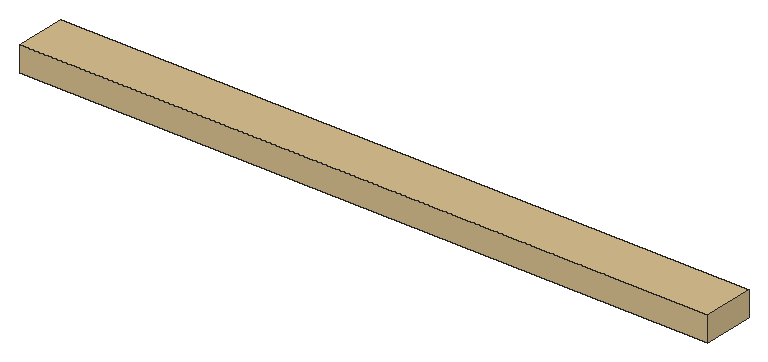
Revit family "EFHeader", category Structural Framing, Revit 2021
Family settings
  Structural Framing Length Roundoff = 0' - 0"
  Section Shape = Not Defined
  Material for Model Behavior = Wood
  Always export as geometry = No
  OmniClass Number = 23.25.30.11.14.14
  OmniClass Title = Beams
  Always vertical = Yes
  Cut with Voids When Loaded = No
  Symbolic Representation = From Project Settings
  Shared = No
  Show family pre-cut in plan views = Yes
Parameters (values of type "4X2 EFSill")
  Type Comments = "2x4"
  Structural Material = Dimensional Lumber
  Pipeline = "2x4"
  Description = "Dimension Lumber"
  A = 5.25 in²
  Assembly Code = "B10"
  Length [instance] = 5' - 0"
  b = 0' - 3 1/2"
  d = 0' - 1 3/4"
Types (5): name | b | d
  2x4 RIM Board | 0' - 1 1/2" | 0' - 3 1/2"
  4X2 Rim Board | 0' - 3 1/2" | 0' - 1 1/2"
  4X10 Rim Board | 0' - 3 1/2" | 0' - 7"
  4X2 EF | 0' - 3 1/2" | 0' - 2"
  4X2 EFSill | 0' - 3 1/2" | 0' - 1 3/4"
Reference planes (in)
  plane 1 "Center (Front/Back)": y = 0
  plane 2: z = 0
  plane 3 "Center (Left/Right)": x = 0.1815
  plane 4 "Member Left": x = -23.8185
  plane 5 "Member Right": x = 24.1815
  plane 6: y = 1.75
  plane 7: y = -1.75
  plane 8: z = 0.875
  plane 9: z = -0.875
  plane 10 "Left": x = -29.8185
  plane 11 "Stick Symbol Left": x = -17.8185
  plane 12 "Stick Symbol Right": x = 18.1815
  plane 13 "Right": x = 30.1815
Forms (in)
  Sweep 1, solid, material "Dimensional Lumber" <- "Structural Material", detail levels medium+fine
    path origin (0, 0, 0) x (1, 0, 0) y (0, 1, 0)
      loop
        line (24.1815, 0) -> (-23.8185, 0)
    profile "Rectangular Wood Beam-Profile : Rectangular Wood Beam-Profile" origin (0.1815, 0, 0) x (0, -1, 0) y (0, 0, 1)
      loop
        line (-1.75, -0.875) -> (1.75, -0.875) -> (1.75, 0.875) -> (-1.75, 0.875) -> (-1.75, -0.875)
Lines and regions (in)
  symbolic lines, style "Stick Symbols", detail levels coarse
    curve 1: line (0.1815, 1.75, 0.875) -> (0.1815, -1.75, 0.875)
    curve 2: line (0.1815, -1.75, -0.875) -> (0.1815, 1.75, -0.875)
    curve 3: line (0.1815, -1.75, 0.875) -> (0.1815, -1.75, -0.875)
    curve 4: line (0.1815, 1.75, -0.875) -> (0.1815, 1.75, 0.875)
  symbolic lines, style "Stick Symbols", detail levels medium
    curve 5: line (-23.8185, 0, 0.875) -> (24.1815, 0, 0.875)
Dimensions and locks (in)
  "b": plane 6 to plane 7
  "d": plane 9 to plane 8
  equal spacing: plane 9, plane 2, plane 8
  equal spacing: plane 6, plane 1 "Center (Front/Back)", plane 7
  "Length": plane 10 "Left" to plane 13 "Right"
  aligned and locked: Sweep 1 sketch curve to plane 1 "Center (Front/Back)"
  aligned and locked: curve 1 to Sweep 1
  aligned and locked: curve 2 to Sweep 1
  aligned and locked: curve 3 to Sweep 1
  aligned and locked: curve 4 to Sweep 1
  aligned and locked: plane 4 "Member Left" to Sweep 1 sketch curve
  aligned and locked: plane 5 "Member Right" to Sweep 1 sketch curve
  aligned and locked: plane 4 "Member Left" to curve 5
  aligned and locked: plane 5 "Member Right" to curve 5
  aligned and locked: plane 1 "Center (Front/Back)" to curve 5
